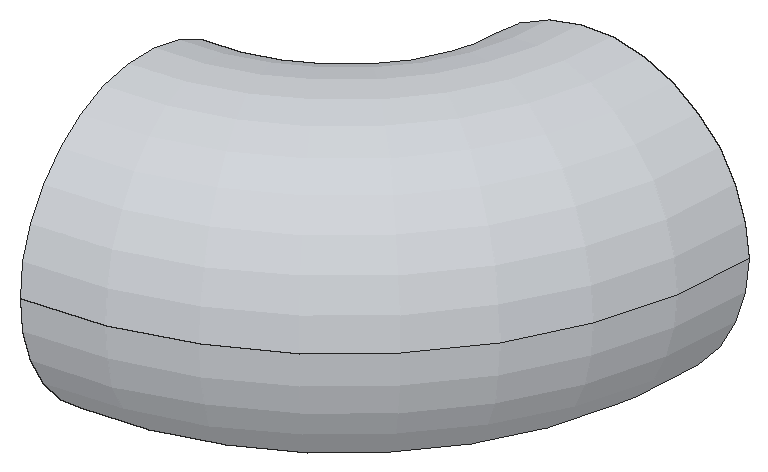
Revit family "TuberiaPEAD_Codo90_redincendios_Extrucol_0002", category Uniones de tubería, Revit 2020
Family settings
  Cota de conector redondo = Diámetro de uso
  Tipo de pieza = Codo
  Se basa en plano de trabajo = No
  Siempre vertical = Sí
  Corte con vacíos al cargar = No
  Compartido = No
Parameters
  x [instance] = Radio Curvatura * tan(Angulo / 2)  # 208 mm
  URL = "http://www.extrucol.com/"
  Tabla consulta = "Tablacodo45"
  Radio Curvatura [instance] = size_lookup(Tabla consulta, "Radio", 0 mm, DN)  # 208 mm
  H [instance] = size_lookup(Tabla consulta, "H", 0 mm, DN)  # 134 mm
  Fabricante = "Extrucol"
  Elevación por defecto = 0 mm
  Descripción = "Codo 90° PE100"
  DN [instance] = 250 mm
  Angulo [instance] = 90.00°
Reference planes
  plane 1 "Centro (Frontal/Posterior)": y = 0
  plane 2: z = 0
  plane 3 "Centro (Izquierda/Derecha)": x = 0
  plane 4: x = -208
  plane 5: y = 208
Forms (mm)
  Sweep 1, solid
    path in 3D
      loop
        arc (-208, 0, 0) -> (-60.922, 60.922, 0) -> (0, 208, 0) r 208
    profile origin (-60.922, 60.922, 0) x (-0.707107, 0.707107, 0) y (0, 0, 1)
      loop
        circle (0, 0) r 125
Lines and regions (mm)
  model lines
    curve 1: arc (-208, 0, 0) -> (-60.922, 60.922, 0) -> (0, 208, 0) r 208
  sketch lines
    curve 2: arc (-208, 0, 0) -> (-60.922, 60.922, 0) -> (0, 208, 0) r 208
Dimensions and locks
  "x": plane 4 to plane 3 "Centro (Izquierda/Derecha)"
  "Radio Curvatura": plane 5 to plane 1 "Centro (Frontal/Posterior)"
  "DN": diameter of Sweep 1 sketch curve
  aligned and locked: level to plane 2
  aligned and locked: plane 1 "Centro (Frontal/Posterior)" to curve 1
  aligned and locked: connector elem to curve 1
Automatic sketch dimensions
  curve 1 to plane 4 = 0 mm
  curve 1 to plane 3 "Centro (Izquierda/Derecha)" = 0 mm
  Sweep 1 sketch curve to profile plane = 0 mm
  profile plane to Sweep 1 sketch curve = 0 mm
Connectors
  piping at (-208, 0, 0), diameter 250, driven by "DN"
    settings: on Sweep 1, index 1, connector inside diameter 609.6 mm, connector length 0 mm, flow factor 0, pipe flow 0.0 L/s, pressure drop 0.0 Pa, fitting loss kfactor 0, connector angle 90.00°, fixture units 0, engagement length 0 mm, angle of deflection 0.00°, flow configuration 0, flow direction 0, fitting loss method 0, system type 28, joint type 0, gender type 0, connector reference index 2, connector utility 0, adjustable connector no, is connector primary yes, connector description ""
  piping at (0, 208, 0), diameter 250, driven by "DN"
    settings: on Sweep 1, index 2, connector inside diameter 609.6 mm, connector length 0 mm, flow factor 0, pipe flow 0.0 L/s, pressure drop 0.0 Pa, fitting loss kfactor 0, connector angle 90.00°, fixture units 0, engagement length 0 mm, angle of deflection 0.00°, flow configuration 0, flow direction 0, fitting loss method 0, system type 28, joint type 0, gender type 0, connector reference index 1, connector utility 0, adjustable connector no, is connector primary no, connector description ""
